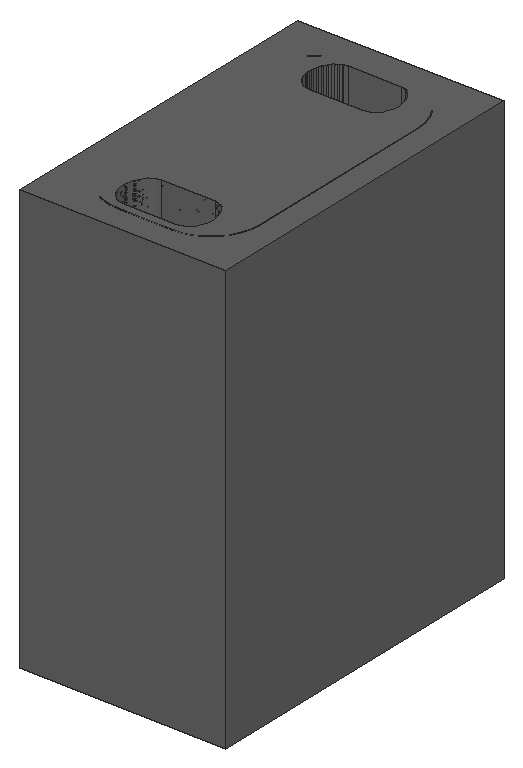
Revit family "AD-S.SUB", category Communication Devices, Revit 2015
Parameters
  Width = 209.0 mm
  URL = "https://www.qsc.com/systems/products/loudspeakers/small-format-subsat/acousticdesign-series-subsat-loudspeakers/ad-s-sub/"
  Sensitivity = 86
  SPL Max = 100
  Product Page URL = "https://www.qsc.com/systems/products/loudspeakers/small-format-subsat/acousticdesign-series-subsat-loudspeakers/ad-s-sub/"
  Weight Product (kg) = 10.7
  Weight Product (lb) = 23.6
  Product Documentation URL = "https://www.qsc.com/resource-files/productresources/spk/ad/ad-s.sub/q_spk_ads_sub_specs.pdf"
  Model = "AD-S.SUB"
  Manufacturer URL = "www.qsc.com"
  Manufacturer = "QSC"
  Height = 350.0 mm
  Grille Finish = Black Grille
  Enclosure Finish = Black Finish
  Description = "6.5-inch Dual Voice Coil, Small Format Surface Subwoofer"
  Depth = 432.0 mm
Reference planes
  plane 1 "Center (Front/Back) (Grille Extent)": y = 0
  plane 2: z = 0
  plane 3 "Center (Left/Right)": x = 0
  plane 4 "Rotation Axis Plane": y = 3351
Forms (mm)
  Extrusion 1, solid, material "Black Finish"
    sketch origin (113.803, -20.382, 0) x (1, 0, 0) y (0, 1, 0)
      loop
        line (-104, 175) -> (-104, -175) -> (104, -175) -> (104, 175) -> (-104, 175)
    from 0 to -432
  Extrusion 2, solid, material "Black Finish"
    sketch origin (115, -20.625, 0) x (1, 0, 0) y (0, 1, 0)
      loop
        arc (-27.134, 150.15) -> (-62.489, 135.506) -> (-77.134, 100.15) r 50
        line (-77.134, 100.15) -> (-77.134, -99.603)
        arc (-77.134, -99.603) -> (-62.489, -134.959) -> (-27.134, -149.603) r 50
        line (-27.134, -149.603) -> (0, -149.603) -> (27.134, -149.603)
        arc (27.134, -149.603) -> (62.489, -134.959) -> (77.134, -99.603) r 50
        line (77.134, -99.603) -> (77.134, 100.15)
        arc (77.134, 100.15) -> (62.489, 135.506) -> (27.134, 150.15) r 50
        line (27.134, 150.15) -> (0, 150.15) -> (-27.134, 150.15)
    from 0 to -44.338
  Extrusion 3, void
    sketch origin (113.803, -20.382, 0) x (1, 0, 0) y (0, 1, 0)
      loop
        spline (-27.134, 141.875) -> (-31.895, 141.044) -> (-36.332, 138.609) -> (-40.142, 134.736) -> (-43.065, 129.687) -> (-44.903, 123.809) -> (-45.53, 117.5) -> (-44.903, 111.191) -> (-43.065, 105.312) -> (-40.142, 100.264) -> (-36.332, 96.391) -> (-31.895, 93.956) -> (-27.134, 93.125)
        line (-27.134, 93.125) -> (27.134, 93.125)
        spline (27.134, 93.125) -> (31.895, 93.956) -> (36.332, 96.391) -> (40.142, 100.264) -> (43.065, 105.312) -> (44.903, 111.191) -> (45.53, 117.5) -> (44.903, 123.809) -> (43.065, 129.687) -> (40.142, 134.736) -> (36.332, 138.609) -> (31.895, 141.044) -> (27.134, 141.875)
        line (27.134, 141.875) -> (-27.134, 141.875)
      loop
        line (-27.134, -141.875) -> (27.134, -141.875)
        spline (27.134, -141.875) -> (31.895, -141.044) -> (36.332, -138.609) -> (40.142, -134.736) -> (43.065, -129.688) -> (44.903, -123.809) -> (45.53, -117.5) -> (44.903, -111.191) -> (43.065, -105.313) -> (40.142, -100.264) -> (36.332, -96.391) -> (31.895, -93.956) -> (27.134, -93.125)
        line (27.134, -93.125) -> (-27.134, -93.125)
        spline (-27.134, -93.125) -> (-31.895, -93.956) -> (-36.332, -96.391) -> (-40.142, -100.264) -> (-43.065, -105.313) -> (-44.903, -111.191) -> (-45.53, -117.5) -> (-44.903, -123.809) -> (-43.065, -129.688) -> (-40.142, -134.736) -> (-36.332, -138.609) -> (-31.895, -141.044) -> (-27.134, -141.875)
    from -77.081 to 61.124
  Extrusion 4, void
    sketch origin (113.803, -20.382, 0) x (1, 0, 0) y (0, 1, 0)
      loop
        line (14.04, 118.204) -> (14.04, 113.204) -> (34.04, 113.204) -> (34.04, 118.204) -> (14.04, 118.204)
    from -426.254 to -505.804
  Extrusion 5, void
    sketch origin (0, -45, 0) x (1, 0, 0) y (0, 1, 0)
      loop
        line (14.04, 118.204) -> (14.04, 113.204) -> (34.04, 113.204) -> (34.04, 118.204) -> (14.04, 118.204)
    from -426.254 to -505.804
  Extrusion 6, void
    sketch origin (113.803, -110.382, 0) x (1, 0, 0) y (0, 1, 0)
      loop
        line (14.04, 118.204) -> (14.04, 113.204) -> (34.04, 113.204) -> (34.04, 118.204) -> (14.04, 118.204)
    from -426.254 to -505.804
  Extrusion 7, void
    sketch origin (113.803, -110.382, 0) x (-1, 0, 0) y (0, -1, 0)
      loop
        line (14.04, -118.204) -> (34.04, -118.204) -> (34.04, -113.204) -> (14.04, -113.204) -> (14.04, -118.204)
    from -426.254 to -505.804
Cuts and joins
  Extrusion 3, Extrusion 4, Extrusion 5, Extrusion 6, Extrusion 7 cuts Extrusion 1
  Extrusion 3, Extrusion 6, Extrusion 7 cuts Extrusion 2
Lines and regions (mm)
  model lines, detail levels fine
    curve 1: line (119.879, 51.105, 1.54) -> (113.803, 59.077, 0.816)
    curve 2: line (113.803, 59.077, 0.816) -> (119.879, 51.105, 1.54)
    curve 3: line (91.774, 52.101, 1.45) -> (94.07, 60.325, 0.703)
    curve 4: line (94.07, 60.325, 0.703) -> (91.774, 52.101, 1.45)
    curve 5: line (95.609, 46.655, 1.944) -> (93.895, 61.874, 0.562)
    curve 6: line (93.895, 61.874, 0.562) -> (95.609, 46.655, 1.944)
    curve 7: line (128.015, 57.303, 0.977) -> (133.434, 53.339, 1.337)
    curve 8: line (133.434, 53.339, 1.337) -> (128.015, 57.303, 0.977)
    curve 17: line (9.512, 74.788, -144.254) -> (9.512, 82.206, -149.885)
    curve 18: line (9.512, 82.206, -149.885) -> (9.512, 74.788, -144.254)
    curve 19: line (9.512, 75.714, -170.301) -> (9.512, 83.367, -168.174)
    curve 20: line (9.512, 83.367, -168.174) -> (9.512, 75.714, -170.301)
    curve 21: line (9.512, 70.647, -166.747) -> (9.512, 84.809, -168.335)
    curve 22: line (9.512, 84.809, -168.335) -> (9.512, 70.647, -166.747)
    curve 23: line (9.512, 80.555, -136.714) -> (9.512, 76.866, -131.693)
    curve 24: line (9.512, 76.866, -131.693) -> (9.512, 80.555, -136.714)
    curve 33: line (104.846, 74.915, -151.967) -> (104.846, 82.334, -146.336)
    curve 34: line (104.846, 82.334, -146.336) -> (104.846, 74.915, -151.967)
    curve 35: line (104.846, 75.841, -125.921) -> (104.846, 83.494, -128.048)
    curve 36: line (104.846, 83.494, -128.048) -> (104.846, 75.841, -125.921)
    curve 37: line (104.846, 70.774, -129.474) -> (104.846, 84.936, -127.886)
    curve 38: line (104.846, 84.936, -127.886) -> (104.846, 70.774, -129.474)
    curve 39: line (104.846, 80.682, -159.507) -> (104.846, 76.993, -164.529)
    curve 40: line (104.846, 76.993, -164.529) -> (104.846, 80.682, -159.507)
  model lines, not visible, detail levels fine
    curve 9: line (-17.401, 29.808, 0.794) -> (-23.477, 37.813, 0.794)
    curve 10: line (-23.477, 37.813, 0.794) -> (-17.401, 29.808, 0.794)
    curve 11: line (-45.506, 30.808, 0.794) -> (-43.21, 39.066, 0.794)
    curve 12: line (-43.21, 39.066, 0.794) -> (-45.506, 30.808, 0.794)
    curve 13: line (-41.671, 25.34, 0.794) -> (-43.385, 40.622, 0.794)
    curve 14: line (-43.385, 40.622, 0.794) -> (-41.671, 25.34, 0.794)
    curve 15: line (-9.265, 36.032, 0.794) -> (-3.847, 32.051, 0.794)
    curve 16: line (-3.847, 32.051, 0.794) -> (-9.265, 36.032, 0.794)
    curve 25: line (16.721, -59.866, 26.087) -> (11.09, -52.447, 26.087)
    curve 26: line (11.09, -52.447, 26.087) -> (16.721, -59.866, 26.087)
    curve 27: line (-9.326, -58.94, 26.087) -> (-7.199, -51.287, 26.087)
    curve 28: line (-7.199, -51.287, 26.087) -> (-9.326, -58.94, 26.087)
    curve 29: line (-5.773, -64.007, 26.087) -> (-7.36, -49.845, 26.087)
    curve 30: line (-7.36, -49.845, 26.087) -> (-5.773, -64.007, 26.087)
    curve 31: line (24.261, -54.099, 26.087) -> (29.282, -57.788, 26.087)
    curve 32: line (29.282, -57.788, 26.087) -> (24.261, -54.099, 26.087)
  model lines, not visible, detail levels medium+fine
    curve 41: circle (0, 191.054, 0) r 16.5 normal (0, 0, 1)
Dimensions and locks
  locked: plane 4 "Rotation Axis Plane" to plane 1 "Center (Front/Back) (Grille Extent)" at 3351
  aligned and locked: plane 2 to level
Connectors
  electrical at (137.844, 95.323, -505.804)
    settings: on Extrusion 4, index 1, voltage 0 V, apparent load 0 VA, apparent load phase1 0 VA, apparent load phase2 0 VA, apparent load phase3 0 VA, power factor 1, load classification "Other", number of poles 1, system type 14, power factor state 1, is connector primary yes, connector utility no, sub classification motor no, connector description ""
  electrical at (24.04, 70.704, -505.804)
    settings: on Extrusion 5, index 2, voltage 0 V, apparent load 0 VA, apparent load phase1 0 VA, apparent load phase2 0 VA, apparent load phase3 0 VA, power factor 1, load classification "Other", number of poles 1, system type 14, power factor state 1, is connector primary no, connector utility no, sub classification motor no, connector description ""
